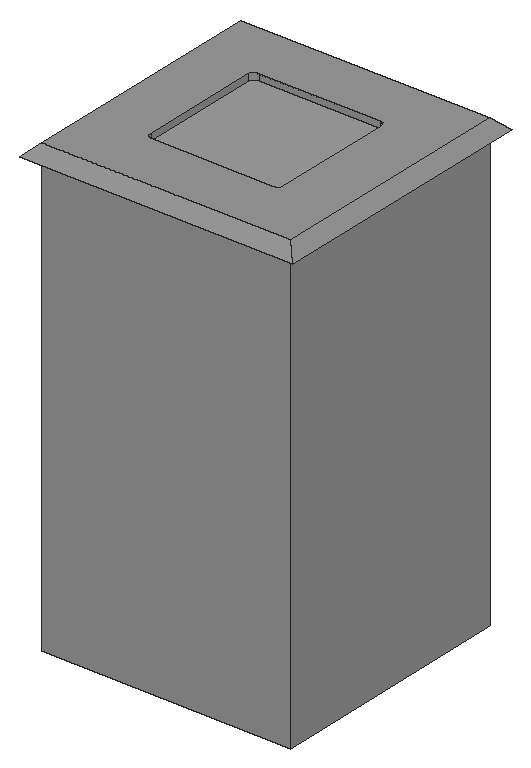
Revit family "4069207", category Lighting Fixtures, host Face, Revit 2017
Family settings
  Host = Face
  Round Connector Dimension = Use Diameter
  Part Type = Normal
  OmniClass Number = 23.80.70.00
  OmniClass Title = Lighting
  Cut with Voids When Loaded = No
  Light Source = Yes
  Shared = No
  Room Calculation Point = No
Parameters (values of type "4069207 PATHE/G/S1 NAR 72LM LED 4K")
  Width_SYL = 45 mm
  Weight = "0.238 kg"
  Wattage Comments = ""
  Wattage = 1.5 W
  WarrantyStartDate [instance] = "n/a"
  WarrantyGuarantorParts = "n/a"
  WarrantyDurationUnit = "n/a"
  WarrantyDurationParts = "n/a"
  WarrantyDescription = "n/a"
  built-in parameter 1150110 = 1 (stored number, unit not read)
  Voltage = 230 V
  URL = "http://www.sylvania-lighting.com"
  TypeName = "PATHE/GROUND/SQUARE1 NARROW 72LM LED 4K"
  Type Image = <None>
  Type Comments = "n/a"
  built-in parameter 1114217 = 1 (stored number, unit not read)
  Tilt Angle = -90.00°
  built-in parameter 1150109 = 1 (stored number, unit not read)
  built-in parameter 1150134 = 12
  built-in parameter 1150113 = 1 (stored number, unit not read)
  SerialNumber [instance] = "n/a"
  Photometric Web File = "4069207.ies"
  Material_3_SYL = none
  PowerFactor = 0
  PowerConsumption = "1.5 W"
  NominalLength = 45 mm
  NominalHeight = 75 mm
  NominalDepth = 45 mm
  Name = "PATHE/GROUND/SQUARE1 NARROW 72LM LED 4K"
  ModelReference = Name  # "PATHE/GROUND/SQUARE1 NARROW 72LM LED 4K"
  ModelNumber = "4069207"
  Model = Name  # "PATHE/GROUND/SQUARE1 NARROW 72LM LED 4K"
  Material = "aluminium housing, uv stabilized pc polycarbonate diffuser"
  ManufacturerName = "Feilo Sylvania"
  Manufacturer = "Feilo Sylvania"
  LuminousEfficacy = "48 lm/W"
  built-in parameter 1150105 = 5.7296 (stored number, unit not read)
  Lumens = 72 lm
  LuminaireType = ""
  built-in parameter 1150115 = 1 (stored number, unit not read)
  LightOutputRatio = "100"
  built-in parameter 1150137 = (empty or 0)
  built-in parameter 1150139 = (empty or 0)
  LampsType = Lamp  # "LED"
  LampNominalLuminous = "72 lm"
  LampMacAdamStep = "n/a"
  LampColourTemperature = "4000 K"
  LampColourRenderingIndex = "80"
  built-in parameter 1150112 = 1 (stored number, unit not read)
  built-in parameter 1150114 = 1 (stored number, unit not read)
  Lamp = "LED"
  Keynote = "16500"
  InstallationDate [instance] = "n/a"
  InputVoltage = "220-240 V AC"
  InputNominalFrequency = "50/60 Hz"
  built-in parameter 1150132 = (empty or 0)
  built-in parameter 1150102 = (empty or 0)
  built-in parameter 1150107 = 4000 (stored number, unit not read)
  built-in parameter 1150138 = (empty or 0)
  IngressProtection = "IP68"
  ImpactProtectionIndex = "IK10"
  built-in parameter 1150106 = 0.057296 (stored number, unit not read)
  IfcExportType = "IfcLightFixtureType"
  IfcExportAs = "IfcLightFixtureType"
  Height_SYL = 75 mm
  HeightAboveGround_SYL = 2 mm
  Emit from Rectangle Width = DiffuserCutOut_SYL  # 22 mm
  Emit from Rectangle Length = DiffuserCutOut_SYL  # 22 mm
  Emit Shape Visible in Rendering = no
  ElectricShockClassification = "Class III"
  built-in parameter 1150104 = 4.4593 (stored number, unit not read)
  DocumentationLiterature = "http://www.sylvania-lighting.com/product/en-int/products/4069207"
  DimmingControlOptions = "Non dimmable"
  Material_2_SYL = Default
  Dimming Lamp Color Temperature Shift = <None>
  DiffuserCutOut_SYL = 22 mm
  Description = "Square recessed ground luminaireCorrosion resistant die-cast aluminium, 72lm, 1.5W, 48lm/W, 4000K, CRI80+, 17°, non dimmable, IP68, IK10,(HxWxD)  45x45x75mm, 3 step MacAdam ellipse, Class III, 12-24V-DC, A++ A+ A"
  Default Elevation = 1219.2 mm
  CreatedOn = "1/21/2020"
  CreatedBy = "@sylvania-lighting.com"
  Cost = 0
  Color Filter = 16777215
  built-in parameter 1114216 [instance] = (empty or 0)
  ClassificationValue = "EF_70_80"
  ClassificationName = "Uniclass2015"
  Material_1_SYL = Aluminum
  ChamferWidth_SYL = HeightAboveGround_SYL  # 2 mm
  BarCode [instance] = "n/a"
  built-in parameter 1114218 = 1 (stored number, unit not read)
  built-in parameter 1150133 = 10 (stored number, unit not read)
  AssetType = "Fixed"
  AssetIdentifier [instance] = "n/a"
  Assembly Code = "D5020200"
  Apparent Load = 1.5 VA
  Material_4_SYL = none
Reference planes
  plane 1 "Center (Front/Back)": y = 0
  plane 2: z = 0
  plane 3 "Center (Left/Right)": x = 0
  plane 4: x = 22.5
  plane 5: x = -22.5
  plane 6: y = 22.5
  plane 7: y = -22.5
  plane 8: x = -11
  plane 9: x = 11
  plane 10: y = 11
  plane 11: y = -11
  plane 12: z = 2
  plane 13: x = -20.5
  plane 14: y = 20.5
  plane 15: x = 20.5
  plane 16: y = -20.5
  plane 17: z = -73
  plane 18: z = 1
Forms (mm)
  Extrusion 1, void
    sketch origin (0, 0, 0) x (1, 0, 0) y (0, 1, 0)
      loop
        line (-20.5, 20.5) -> (-20.5, -20.5) -> (20.5, -20.5) -> (20.5, 20.5) -> (-20.5, 20.5)
    from 0 to -73
  Blend 2, solid, material "Aluminum" <- "Material_1_SYL"
    base sketch origin (0, 0, 0) x (1, 0, 0) y (0, 1, 0)
      loop
        line (-22.5, 22.5) -> (-22.5, -22.5) -> (22.5, -22.5) -> (22.5, 22.5) -> (-22.5, 22.5)
    top sketch origin (0, 0, 0) x (1, 0, 0) y (0, 1, 0)
      loop
        line (-20.5, 20.5) -> (-20.5, -20.5) -> (20.5, -20.5) -> (20.5, 20.5) -> (-20.5, 20.5)
    from 0 to 2
  Extrusion 3, void
    sketch origin (0, 0, 0) x (1, 0, 0) y (0, 1, 0)
      loop
        arc (-10, 11) -> (-10.707, 10.707) -> (-11, 10) r 1
        line (-11, 10) -> (-11, -10)
        arc (-11, -10) -> (-10.707, -10.707) -> (-10, -11) r 1
        line (-10, -11) -> (10, -11)
        arc (10, -11) -> (10.707, -10.707) -> (11, -10) r 1
        line (11, -10) -> (11, 10)
        arc (11, 10) -> (10.707, 10.707) -> (10, 11) r 1
        line (10, 11) -> (-10, 11)
    from 0 to 2
  Extrusion 4, solid, material "Default" <- "Material_2_SYL"
    sketch origin (0, 0, 0) x (1, 0, 0) y (0, 1, 0)
      loop
        line (11, -10) -> (11, 10)
        arc (11, 10) -> (10.707, 10.707) -> (10, 11) r 1
        line (10, 11) -> (-10, 11)
        arc (-10, 11) -> (-10.707, 10.707) -> (-11, 10) r 1
        line (-11, 10) -> (-11, -10)
        arc (-11, -10) -> (-10.707, -10.707) -> (-10, -11) r 1
        line (-10, -11) -> (10, -11)
        arc (10, -11) -> (10.707, -10.707) -> (11, -10) r 1
    from 0 to 1
  Extrusion 5, solid, material "Aluminum" <- "Material_1_SYL"
    sketch origin (0, 0, 0) x (1, 0, 0) y (0, 1, 0)
      loop
        line (-20.5, 20.5) -> (-20.5, -20.5) -> (20.5, -20.5) -> (20.5, 20.5) -> (-20.5, 20.5)
    from 0 to -73
Cuts and joins
  Extrusion 3 cuts Blend 2
Dimensions and locks
  equal spacing: host sketch curve, plane 3 "Center (Left/Right)", host sketch curve
  equal spacing: host sketch curve, plane 1 "Center (Front/Back)", host sketch curve
  locked: host sketch curve to host sketch curve at 600  (x2)
  equal spacing: plane 5, plane 3 "Center (Left/Right)", plane 4
  "Width_SYL": plane 5 to plane 4
  equal spacing: plane 7, plane 1 "Center (Front/Back)", plane 6
  "Width_SYL": plane 7 to plane 6
  equal spacing: plane 8, plane 3 "Center (Left/Right)", plane 9
  "DiffuserCutOut_SYL": plane 8 to plane 9
  equal spacing: plane 11, plane 1 "Center (Front/Back)", plane 10
  "DiffuserCutOut_SYL": plane 11 to plane 10
  "HeightAboveGround_SYL": plane 12 to plane 2
  equal spacing: plane 13, plane 3 "Center (Left/Right)", plane 15
  "ChamferWidth_SYL": plane 5 to plane 13
  equal spacing: plane 16, plane 1 "Center (Front/Back)", plane 14
  "ChamferWidth_SYL": plane 14 to plane 6
  "Height_SYL": plane 12 to plane 17
  locked: plane 12 to plane 18 at 1
  aligned and locked: plane 2 to host face
  aligned and locked: level to host face
  aligned and locked: plane 14 to Extrusion 1 sketch curve
  aligned and locked: plane 13 to Extrusion 1 sketch curve
  aligned and locked: Extrusion 1 sketch curve to plane 16
  aligned and locked: Extrusion 1 sketch curve to plane 15
  aligned and locked: plane 17 to Extrusion 1
  aligned and locked: level to Extrusion 1
  aligned and locked: plane 6 to Blend 2 sketch curve
  aligned and locked: plane 5 to Blend 2 sketch curve
  aligned and locked: Blend 2 sketch curve to plane 7
  aligned and locked: Blend 2 sketch curve to plane 4
  aligned and locked: plane 14 to Blend 2 sketch curve
  aligned and locked: plane 13 to Blend 2 sketch curve
  aligned and locked: Blend 2 sketch curve to plane 16
  aligned and locked: Blend 2 sketch curve to plane 15
  aligned and locked: Blend 2 to plane 12
  aligned and locked: Blend 2 to level
  aligned and locked: plane 10 to Extrusion 3 sketch curve
  aligned and locked: plane 8 to Extrusion 3 sketch curve
  aligned and locked: Extrusion 3 sketch curve to plane 11
  aligned and locked: Extrusion 3 sketch curve to plane 9
  aligned and locked: Extrusion 3 to plane 12
  aligned and locked: Extrusion 3 to level
  aligned and locked: Extrusion 4 sketch curve to cut or joined group of Blend 2, Extrusion 3  (x4)
  aligned and locked: Extrusion 4 to plane 18
  aligned and locked: Extrusion 4 to level
  aligned and locked: Extrusion 5 sketch curve to cut or joined group of Blend 2, Extrusion 3  (x4)
  aligned and locked: level to Extrusion 5
  aligned and locked: plane 17 to Extrusion 5
Automatic sketch dimensions
  plane 8 to Extrusion 3 sketch curve = 1 mm  (x2)
  Extrusion 3 sketch curve to plane 9 = 1 mm  (x2)
Connectors
  electrical at (0, 0, -73), driven by "PowerFactor", driven by "Apparent Load", driven by "Voltage"
    settings: on Extrusion 5, index 1, voltage 230 V, apparent load 0 VA, apparent load phase1 1.5 VA, apparent load phase2 0 VA, apparent load phase3 0 VA, power factor 0, load classification "Other", number of poles 1, system type 31, power factor state 1, is connector primary yes, connector utility no, sub classification motor no, connector description ""
